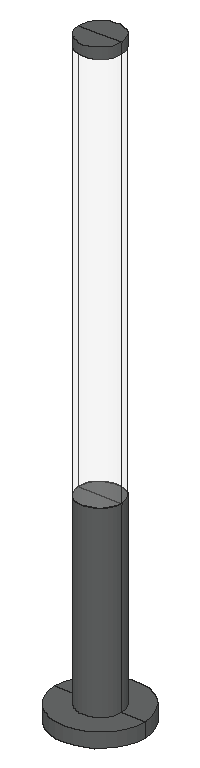
Revit family "LC5", category Lighting Fixtures, host Face, Revit 2021
Family settings
  Host = Face
  Round Connector Dimension = Use Diameter
  Part Type = Normal
  OmniClass Number = 23.80.70.14
  OmniClass Title = Luminaries for External Lighting
  Cut with Voids When Loaded = No
  Light Source = Yes
  Shared = No
  Room Calculation Point = No
Parameters (values of type "Basic Black Textured")
  Wattage Comments = "55W"
  Wattage = 9.2903 W
  built-in parameter 1150110 = 1 (stored number, unit not read)
  Voltage = 120 V
  URL = "https://www.currentlighting.com/beacon"
  built-in parameter 1114217 = 1 (stored number, unit not read)
  Tilt Angle = 90.00°
  built-in parameter 1150109 = 1 (stored number, unit not read)
  built-in parameter 1150134 = 3
  built-in parameter 1150113 = 1 (stored number, unit not read)
  Product Page URL = ""
  Product Material = Paint -  Basic Black Textured
  Product Documentation Link = ""
  Photometric Web File = "generic"
  built-in parameter 1150142 = (empty or 0)
  Model = "LC5"  # constant formula
  Manufacturer = "Beacon Products"  # constant formula
  built-in parameter 1150105 = 109.82 (stored number, unit not read)
  Lumens = 1380 lm
  built-in parameter 1150115 = 1 (stored number, unit not read)
  built-in parameter 1150137 = (empty or 0)
  built-in parameter 1150139 = (empty or 0)
  Lens Finish = Glass
  built-in parameter 1150112 = 1 (stored number, unit not read)
  built-in parameter 1150114 = 1 (stored number, unit not read)
  built-in parameter 1150132 = (empty or 0)
  built-in parameter 1150102 = (empty or 0)
  built-in parameter 1150107 = 3200 (stored number, unit not read)
  built-in parameter 1150138 = (empty or 0)
  built-in parameter 1150106 = 1.0982 (stored number, unit not read)
  Height = 6' - 0"
  Emit from Line Length = 2' - 0"  # constant formula
  built-in parameter 1150104 = 13.8 (stored number, unit not read)
  Dimming Lamp Color Temperature Shift = <None>
  Description = "The LC5 column light offers the sophistication required to enhance any public space, and utilizes the energy efficiency of an LED light engine and tube technology."  # constant formula
  Default Elevation = 4' - 0"
  Color Filter = 16777215
  Certifications = ""
  built-in parameter 1114218 = 1 (stored number, unit not read)
  built-in parameter 1150133 = 10 (stored number, unit not read)
  Apparent Load = 0 VA
Types (13): name | Wattage | Product Material | built-in parameter 1150105 | Lumens | built-in parameter 1150106
  (no name) | 9.2903 W | Paint -  Basic Black Textured | 109.82 (stored number, unit not read) | 1380 lm | 1.0982 (stored number, unit not read)
  Basic Black Textured | 9.2903 W | Paint -  Basic Black Textured | 109.82 (stored number, unit not read) | 1380 lm | 1.0982 (stored number, unit not read)
  Black Matte Textured | 9.2903 W | Paint - Black Matte Textured | 109.82 (stored number, unit not read) | 1380 lm | 1.0982 (stored number, unit not read)
  Bronze Textured | 9.2903 W | Paint - Bronze Textured | 109.82 (stored number, unit not read) | 1380 lm | 1.0982 (stored number, unit not read)
  Dark Bronze Textured | 9.2903 W | Paint - Dark Bronze Textured | 109.82 (stored number, unit not read) | 1380 lm | 1.0982 (stored number, unit not read)
  Dark Platinum Smooth | 9.2903 W | Paint - Dark Platinum Smooth | 109.82 (stored number, unit not read) | 1380 lm | 1.0982 (stored number, unit not read)
  Gray Smooth | 9.2903 W | Paint -  Gray Smooth | 109.82 (stored number, unit not read) | 1380 lm | 1.0982 (stored number, unit not read)
  Green Textured | 9.2903 W | Paint - Green Textured | 109.82 (stored number, unit not read) | 1380 lm | 1.0982 (stored number, unit not read)
  Metallic Bronze Textured | 9.2903 W | Paint - Metallic Bronze Textured | 109.82 (stored number, unit not read) | 1380 lm | 1.0982 (stored number, unit not read)
  Metallic Silver Textured | 9.2903 W | Paint -  Metallic Silver Textured | 109.82 (stored number, unit not read) | 1380 lm | 1.0982 (stored number, unit not read)
  Metallic Titanium Textured | 9.2903 W | Paint -  Metallic Titanium Textured | 109.82 (stored number, unit not read) | 1380 lm | 1.0982 (stored number, unit not read)
  Old World Iron | 50 W | Paint - Old World Iron | 591.03 (stored number, unit not read) | 7427.1 lm | 5.9103 (stored number, unit not read)
  White Texture | 50 W | Paint -  White Texture | 591.03 (stored number, unit not read) | 7427.1 lm | 5.9103 (stored number, unit not read)
Reference planes (in)
  plane 1 "Center (Front/Back)": y = 0
  plane 2: z = 0
  plane 3 "Center (Left/Right)": x = 0
  plane 4: x = -3.875
  plane 5: x = 3.875
  plane 6: x = 5.375
  plane 7: x = 2.5625
  plane 8: x = -5.375
  plane 9: x = -2.5625
  plane 10: z = 24
  plane 11: z = 72
  plane 12: z = 73.25
  plane 13: z = 1.75
Forms (in)
  Revolve 1, solid, material "Paint -  Basic Black Textured" <- "Product Material"
    sketch origin (0, 0, 0) x (1, 0, 0) y (0, 0, 1)
      loop
        line (0, 1.75) -> (0, 0) -> (5.375, 0) -> (5.375, 1.75) -> (0, 1.75)
      axis (0, 1.75) -> (0, 0)
    angle from 0 to 360
  Revolve 2, solid, material "Glass" <- "Lens Finish"
    sketch origin (10.91458, 0, -0.71595) x (1, 0, 0) y (0, 0, 1)
      loop
        line (-10.91458, 24.71595) -> (-8.35208, 24.71595) -> (-8.35208, 72.71595) -> (-10.91458, 72.71595) -> (-10.91458, 24.71595)
      axis (-10.91458, 72.71595) -> (-10.91458, 24.71595)
    angle from 0 to 360
  Revolve 3, solid, material "Paint -  Basic Black Textured" <- "Product Material"
    sketch origin (11.13085, 0, -0.75818) x (1, 0, 0) y (0, 0, 1)
      loop
        line (-11.13085, 24.75818) -> (-11.13085, 2.50818) -> (-8.56835, 2.50818) -> (-8.56835, 24.75818) -> (-11.13085, 24.75818)
      axis (-11.13085, 2.50818) -> (-11.13085, 24.75818)
    angle from 0 to 360
  Revolve 4, solid, material "Paint -  Basic Black Textured" <- "Product Material"
    sketch origin (0, 0, -9.5) x (1, 0, 0) y (0, 0, 1)
      loop
        line (0, 81.5) -> (2.5625, 81.5) -> (2.5625, 82.75) -> (0, 82.75) -> (0, 81.5)
      axis (0, 82.75) -> (0, 81.5)
    angle from 0 to 360
Dimensions and locks (in)
  plane 4 to plane 5 = 0' - 7 3/4"
  equal spacing: plane 4, plane 3 "Center (Left/Right)", plane 5
  equal spacing: plane 9, plane 3 "Center (Left/Right)", plane 7
  plane 9 to plane 7 = 0' - 5 1/8"
  equal spacing: plane 8, plane 3 "Center (Left/Right)", plane 6
  plane 8 to plane 6 = 0' - 10 3/4"
  "Height": plane 11 to level
  locked: plane 11 to plane 10 at 48
  locked: plane 13 to level at 1.75
  locked: plane 12 to plane 11 at 1.25
  aligned and locked: plane 2 to host face
  aligned and locked: level to host face
  aligned and locked: Revolve 1 sketch curve to plane 13
  aligned and locked: plane 3 "Center (Left/Right)" to Revolve 1 sketch curve
  aligned and locked: level to Revolve 1 sketch curve
  aligned and locked: plane 6 to Revolve 1 sketch curve
  aligned and locked: Revolve 1 sketch curve to plane 3 "Center (Left/Right)"
  aligned and locked: Revolve 2 sketch curve to plane 3 "Center (Left/Right)"  (x2)
  aligned and locked: Revolve 2 sketch curve to plane 7
  aligned and locked: Revolve 3 sketch curve to plane 3 "Center (Left/Right)"
  aligned and locked: plane 3 "Center (Left/Right)" to Revolve 3 sketch curve
  aligned and locked: plane 13 to Revolve 3 sketch curve
  aligned and locked: plane 7 to Revolve 3 sketch curve
  aligned and locked: plane 10 to Revolve 2
  aligned and locked: plane 10 to Revolve 3
  aligned and locked: Revolve 4 sketch curve to plane 3 "Center (Left/Right)"  (x2)
  aligned and locked: Revolve 4 sketch curve to plane 7
  aligned and locked: plane 11 to Revolve 4
  aligned and locked: plane 12 to Revolve 4
  aligned and locked: plane 11 to Revolve 2
  aligned and locked: imposter light to plane 3 "Center (Left/Right)"
  aligned and locked: imposter light to plane 1 "Center (Front/Back)"
Automatic sketch dimensions
  host sketch curve to host sketch curve = 8' - 0"  (x2)
  Revolve 1 sketch curve to level = 0' - 7"
  Revolve 1 sketch curve to plane 10 = 1' - 7"
  Revolve 2 sketch curve to plane 10 = 0' - 10.71595"
  Revolve 2 sketch curve to level = 1' - 7.71595"
  Revolve 3 sketch curve to plane 10 = 2' - 11.75818"
  Revolve 3 sketch curve to Revolve 3 sketch curve = 3' - 1.69644"
  plane 10 to Revolve 3 sketch curve = 0' - 0"
  Revolve 2 sketch curve to plane 10 = 0' - 0"
  Revolve 4 sketch curve to plane 11 = 2' - 5 1/2"
  Revolve 4 sketch curve to Revolve 4 sketch curve = 0' - 9"
  Revolve 4 sketch curve to plane 11 = 0' - 0"
  Revolve 4 sketch curve to Revolve 4 sketch curve = 0' - 1 1/4"
  Revolve 2 sketch curve to plane 11 = 0' - 0"
Connectors (in)
  electrical at (0, 0, 0), driven by "Apparent Load", driven by "Description", driven by "Voltage"
    settings: on Revolve 1, index 1, voltage 120 V, apparent load 0 VA, apparent load phase1 0 VA, apparent load phase2 0 VA, apparent load phase3 0 VA, power factor 0.9, load classification "Other", number of poles 1, system type 31, power factor state 1, is connector primary yes, connector utility no, sub classification motor no, connector description "The LC5 column light offers the sophistication required to enhance any public space, and utilizes the energy efficiency of an LED light engine and tube technology."
